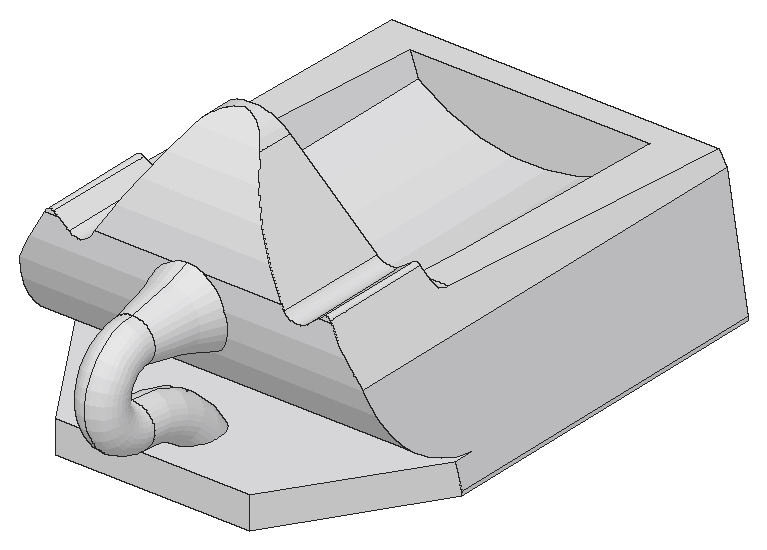
Revit family "Urinal-Wall_Mount_High_Efficiency-KOHLER-Bardon-K-4991", category Plumbing Fixtures, host Face, Revit 2015
Parameters (values of type "Rear Spud-0-White")
  Width = 18 1/2"  # constant formula
  Waste Water Outlet = "Waste Water Outlet"  # constant formula
  Waste Connection = yes
  Vent Connection = no
  URL = "https://www.us.kohler.com/us/"
  Type = 1
  Top Spud = not(Rear Spud)  # no
  Rough-In = 0"
  Rear Spud = if(Constraint = 1, 1 = 1, 1 = 0)  # yes
  Product Page URL = "http://www.us.kohler.com/us/catalog/productDetails.jsp?productNumber=4991-ER"
  Product Name = "Bardon"  # constant formula
  Product Documentation Link = "http://www.us.kohler.com/onlinecatalog/pdf/K-4991-ER_spec.pdf"
  Pressure = 0.00 psi
  Hot Water Inlet = "Hot Water Inlet"  # constant formula
  Model = if(and(Type = 1, Constraint = 1), "K-4991-ER-0", if(and(Type = 1, Constraint = 2), "K-4991-ET-0", if(and(Type = 4, Constraint = 2), "K-4991-ET-96", if(and(Type = 2, Constraint = 2), "K-4991-ET-47", if(and(Type = 3, Constraint = 2), "K-4991-ET-7", "0")))))  # "K-4991-ER-0"
  Material = "Vitreous China"  # constant formula
  MasterFormat 2004 = "22.41.13"  # constant formula
  MasterFormat 1995 = "15410"  # constant formula
  Manufacturer Address = "444 Highland Dr, Kohler, WI 53044"  # constant formula
  Manufacturer = "KOHLER Co."  # constant formula
  Length = 28 1/4"  # constant formula
  Flush Rate = "1.0 GPF"  # constant formula
  Cold Water Inlet = "Cold Water Inlet"  # constant formula
  Height = 14 3/16"  # constant formula
  HW Connection = no
  Flow Rate = 0 GPM
  Finish = Kohler-Vitreous_China-0-White
  Environmental Product Declaration = ""
  Description = if(Constraint = 1, "High-Efficiency Urinal (HEU), washdown, wall-hung, 0.125 gpf to 1.0 gpf, rear spud", "High-Efficiency Urinal (HEU), Washdown, wall-hung, 0.125 gpf to 1.0 gpf, top spud")  # "High-Efficiency Urinal (HEU), washdown, wall-hung, 0.125 gpf to 1.0 gpf, rear spud"
  Default Elevation = 21"
  Declare Label = ""
  Date Modified = "11/1/2017"  # constant formula
  Date Created = "11/1/2017"  # constant formula
  Copyright = "Copyright KOHLER Company"  # constant formula
  Contact Us = "https://www.us.kohler.com/us/static/contact.jsp"
  Constraint = 1
  Connection = if(Constraint = 1, 0.00°, 90.00°)  # 0.00°
  CW Connection = yes
  Assembly Code = "D2010200"
  ADA Compliant = yes
Types (5): name | Type | Top Spud | Rear Spud | Product Page URL | Product Documentation Link | Model | Finish | Description | Constraint | Connection
  Rear Spud-0-White | 1 | no | yes | "http://www.us.kohler.com/us/catalog/productDetails.jsp?productNumber=4991-ER" | "http://www.us.kohler.com/onlinecatalog/pdf/K-4991-ER_spec.pdf" | "K-4991-ER-0" | Kohler-Vitreous_China-0-White | "High-Efficiency Urinal (HEU), washdown, wall-hung, 0.125 gpf to 1.0 gpf, rear spud" | 1 | 0.00°
  Top Spud-0-White | 1 | yes | no | "http://www.us.kohler.com/us/catalog/productDetails.jsp?productNumber=4991-ET" | "http://www.us.kohler.com/onlinecatalog/pdf/K-4991-ET_spec.pdf" | "K-4991-ET-0" | Kohler-Vitreous_China-0-White | "High-Efficiency Urinal (HEU), Washdown, wall-hung, 0.125 gpf to 1.0 gpf, top spud" | 2 | 90.00°
  Top Spud-96-Biscuit | 4 | yes | no | "http://www.us.kohler.com/us/catalog/productDetails.jsp?productNumber=4991-ET" | "http://www.us.kohler.com/onlinecatalog/pdf/K-4991-ET_spec.pdf" | "K-4991-ET-96" | Kohler-Vitreous_China-96-Biscuit | "High-Efficiency Urinal (HEU), Washdown, wall-hung, 0.125 gpf to 1.0 gpf, top spud" | 2 | 90.00°
  Top Spud-47-Almond | 2 | yes | no | "http://www.us.kohler.com/us/catalog/productDetails.jsp?productNumber=4991-ET" | "http://www.us.kohler.com/onlinecatalog/pdf/K-4991-ET_spec.pdf" | "K-4991-ET-47" | Kohler-Vitreous_China-47-Almond | "High-Efficiency Urinal (HEU), Washdown, wall-hung, 0.125 gpf to 1.0 gpf, top spud" | 2 | 90.00°
  Top Spud-7-Black Black | 3 | yes | no | "http://www.us.kohler.com/us/catalog/productDetails.jsp?productNumber=4991-ET" | "http://www.us.kohler.com/onlinecatalog/pdf/K-4991-ET_spec.pdf" | "K-4991-ET-7" | Kohler-Vitreous_China-7-Black_Black | "High-Efficiency Urinal (HEU), Washdown, wall-hung, 0.125 gpf to 1.0 gpf, top spud" | 2 | 90.00°
Reference planes (in)
  plane 1 "Center (Front/Back)": y = 0
  plane 2: z = 0
  plane 3 "Center (Left/Right)": x = 0
  plane 4: z = 14.1875
  plane 5: y = -17.12783
  plane 6: y = 11.12217
  plane 7: x = -9.25
  plane 8: x = 9.25
  plane 9: z = 1.8125
  plane 10: y = 8.12217
  plane 11: y = 8.12217
  plane 12: y = -10.47788
Lines and regions (in)
  reference lines
    curve 1: line (0, 8.12217, 1.8125) -> (0, 8.12217, 0)
Dimensions and locks (in)
  "Height": plane 4 to plane 2
  "Length": plane 6 to plane 5
  "Width": plane 7 to plane 8
  "Connection": angle curve 1 to plane 10
  aligned and locked: plane 2 to host face
  aligned and locked: level to host face
  aligned and locked: plane 9 to curve 1
  aligned and locked: plane 10 to curve 1
Automatic sketch dimensions
  host sketch curve to host sketch curve = 96"  (x2)
Nested families (in)
  nested 1: "K-4991" at (0, 0, 0), type "K-4991"
    with Top Spud no, Rear Spud yes
Connectors (in)
  piping at (0, 8.12217, 0), diameter 0.75, driven by "CW Connection", driven by "Cold Water Inlet"
    settings: on curve 1, index 1, connector inside diameter 24", connector length 0", flow factor 0, pipe flow 0 GPM, pressure drop 0.00 psi, fitting loss kfactor 0, connector angle 0.00°, fixture units 0, engagement length 0", angle of deflection 0.00°, flow configuration 0, flow direction 1, fitting loss method 0, system type 20, joint type 0, gender type 0, connector reference index -1, connector utility 1, adjustable connector no, is connector primary yes, connector description "Cold Water Inlet"
  piping at (0, -10.47033, 0), diameter 2, driven by "Waste Connection", driven by "Waste Water Outlet"
    settings: on nested 1, index 2, connector inside diameter 24", connector length 0", flow factor 0, pipe flow 0 GPM, pressure drop 0.00 psi, fitting loss kfactor 0, connector angle 0.00°, fixture units 0, engagement length 0", angle of deflection 0.00°, flow configuration 0, flow direction 2, fitting loss method 0, system type 16, joint type 0, gender type 0, connector reference index -1, connector utility 1, adjustable connector no, is connector primary no, connector description "Waste Water Outlet"
Definition of nested family "K-4991"
  Parameters (values of type "K-4991")
    Top Spud Material = none
    Top Spud = yes
    Rear Spud = no
    Finish = none
    Angle = 90.00°
  Reference planes (in)
    plane 1 "Center (Front/Back)": y = 0
    plane 2: z = 0
    plane 3 "Center (Left/Right)": x = 0
  Forms (in)
    Extrusion 1, solid, material <- "Finish"
      sketch origin (0, 0, 0) x (1, 0, 0) y (0, 0, 1)
        loop
          line (-9.21192, 0) -> (9.28808, 0) -> (9.28808, 15.4312) -> (-9.21192, 15.4312) -> (-9.21192, 0)
      from -11.12917 to 13.10029
    Extrusion 2, void
      sketch origin (0, 0, 0) x (1, 0, 0) y (0, 0, 1)
        loop
          arc (-9.21192, 0) -> (-8.79054, 3.12987) -> (-8.19632, 6.23157) r 56.94914
          arc (-8.19632, 6.23157) -> (-7.50331, 7.52288) -> (-6.79763, 8.80731) r 149.10691
          arc (-6.79763, 8.80731) -> (-6.63095, 8.93042) -> (-6.42866, 8.88552) r 0.25
          line (-6.42866, 8.88552) -> (-5.66947, 8.31342)
          arc (-5.66947, 8.31342) -> (-5.08301, 8.17467) -> (-4.58378, 8.51224) r 0.75
          line (-4.58378, 8.51224) -> (-1.57012, 13.28941)
          arc (-1.57012, 13.28941) -> (0.04688, 14.1812) -> (1.66387, 13.28941) r 1.91186
          line (1.66387, 13.28941) -> (4.67753, 8.51224)
          arc (4.67753, 8.51224) -> (5.17676, 8.17467) -> (5.76322, 8.31342) r 0.75
          line (5.76322, 8.31342) -> (6.56225, 8.91554)
          arc (6.56225, 8.91554) -> (6.72938, 8.95265) -> (6.8671, 8.85097) r 0.20658
          arc (6.8671, 8.85097) -> (7.58513, 7.54483) -> (8.29007, 6.23157) r 149.10691
          arc (8.29007, 6.23157) -> (8.87106, 3.21073) -> (9.28808, 0.16293) r 56.94914
          line (9.28808, 0.16293) -> (9.28808, 15.26946) -> (-9.21192, 15.26946) -> (-9.21192, 0)
      from -11.50917 to 13.5253
    Extrusion 3, void
      sketch origin (0, 0, 0) x (0, 1, 0) y (0, 0, 1)
        loop
          line (11.12917, 6.93556) -> (11.12917, 14.1812) -> (11.12917, 15.4312) -> (-14.40221, 15.4312) -> (-14.40221, 1.51946) -> (-5.3086, 1.51946)
          arc (-5.3086, 1.51946) -> (-9.63132, 3.94848) -> (-10.95551, 8.72682) r 6.45426
          arc (-10.95551, 8.72682) -> (-9.8337, 11.87211) -> (-7.4853, 14.24619) r 7.6964
          arc (-7.4853, 14.24619) -> (-7.26329, 14.27051) -> (-7.11043, 14.10768) r 0.25
          line (-7.11043, 14.10768) -> (-5.3683, 8.28549)
          arc (-5.3683, 8.28549) -> (-5.05632, 7.87023) -> (-4.54937, 7.75724) r 0.75
          line (-4.54937, 7.75724) -> (11.12917, 6.93556)
      from -13.08037 to 12
    Extrusion 4, void
      sketch origin (-0.3125, 11.12917, 0) x (1, 0, 0) y (0, 0, 1)
        loop
          line (5.67968, 5.91122) -> (6.28377, 7.57094)
          arc (6.28377, 7.57094) -> (6.25363, 7.79984) -> (6.04885, 7.90645) r 0.25
          line (6.04885, 7.90645) -> (4.86215, 7.90645)
          arc (4.86215, 7.90645) -> (4.3019, 8.05657) -> (3.89177, 8.4667) r 1.1205
          line (3.89177, 8.4667) -> (1.92409, 11.87483) -> (-0.64713, 11.87483) -> (-3.28204, 8.37178)
          arc (-3.28204, 8.37178) -> (-3.67731, 8.0426) -> (-4.17798, 7.92459) r 1.12109
          line (-4.17798, 7.92459) -> (-5.44609, 7.92459)
          arc (-5.44609, 7.92459) -> (-5.65088, 7.81799) -> (-5.68102, 7.58909) r 0.25
          line (-5.68102, 7.58909) -> (-5.07032, 5.91122)
          arc (-5.07032, 5.91122) -> (0.30468, 4.11539) -> (5.67968, 5.91122) r 8.94175
      from 1.47527 to 18.80036
    Extrusion 5, void
      sketch origin (0, -6.47724, 1.51946) x (1, 0, 0) y (0, -1, 0)
        loop
          line (-10.52804, -2.48114) -> (-4.61571, 6.62304) -> (4.70946, 6.62304) -> (10.99022, -3.04848) -> (11.72057, -3.04848) -> (11.72057, 8.81961) -> (-11.27943, 8.81961) -> (-11.27943, -2.48114) -> (-10.52804, -2.48114)
      from 0 to 4.43631
    Revolve 6, solid, material <- "Finish"
      sketch origin (0, 0, 0) x (0, 1, 0) y (0, 0, 1)
        loop
          line (-9.90635, 7.04878) -> (-9.90635, 9.29767)
          arc (-9.90635, 9.29767) -> (-12.02585, 8.53798) -> (-14.23427, 8.09946) r 15.21172
          line (-14.23427, 8.09946) -> (-14.23427, 7.04878) -> (-9.90635, 7.04878)
        axis (-9.90635, 7.04878) -> (-14.23427, 7.04878)
      angle from 0 to 360
    Sweep 7, solid, material <- "Finish"
      path origin (0, 0, 0) x (0, 1, 0) y (0, 0, 1)
        loop
          arc (-14.23427, 7.04878) -> (-16.05817, 5.22488) -> (-14.23427, 3.40097) r 1.8239
          arc (-14.23427, 3.40097) -> (-11.61411, 2.64076) -> (-9.80772, 0.59623) r 4.89545
      profile origin (0, -16.05817, 5.22488) x (1, 0, 0) y (0, 1, 0)
        loop
          circle (0, 0) r 1.05078
    Extrusion 8, solid, material <- "Finish"
      sketch origin (0, 0, 0) x (1, 0, 0) y (0, 1, 0)
        loop
          circle (0, -10.47033) r 1
      from 0 to 0.16293
    Revolve 9, solid, material <- "Top Spud Material", visible <- "Top Spud"
      sketch origin (0, 0, 1.87145) x (1, 0, 0) y (0, 1, 0)
        loop
          line (-1.24916, 11.12917) -> (0, 11.12917) -> (0, 12.17339) -> (-0.74749, 12.17339) -> (-0.74749, 11.79492)
          arc (-0.74749, 11.79492) -> (-1.09107, 11.53193) -> (-1.24916, 11.12917) r 0.80604
        axis (0, 12.17339) -> (0, 11.12917)
      angle from 0 to 360
  Cuts and joins
    Extrusion 2, Extrusion 3, Extrusion 4, Extrusion 5 cuts Extrusion 1
    joined: Extrusion 1, Sweep 7
  Lines and regions (in)
    Masking region 1
      outline origin (0, 0, 0) x (1, 0, 0) y (0, 1, 0)
        loop
          line (-9.21192, 11.12917) -> (-9.21192, -6.79685)
          arc (-9.21192, -6.79685) -> (-9.0031, -8.86367) -> (-8.19624, -10.7779) r 6.99181
          spline (-8.19624, -10.7779) -> (-8.13133, -10.80972) -> (-8.06606, -10.83917) -> (-8.00044, -10.86624) -> (-7.9345, -10.89092) -> (-7.86826, -10.91321) -> (-7.80172, -10.93309) -> (-7.73492, -10.95057) -> (-7.66787, -10.96564) -> (-7.60059, -10.97829) -> (-7.53311, -10.98852) -> (-7.46543, -10.99632) -> (-7.39759, -11.00171)
          line (-7.39759, -11.00171) -> (-6.08516, -11.00171) -> (-4.61571, -13.10029) -> (-1.21192, -13.10029) -> (-1.05068, -14.23427) -> (-1.05068, -16.23427)
          arc (-1.05068, -16.23427) -> (0, -17.08899) -> (1.05068, -16.23427) r 1.07315
          line (1.05068, -16.23427) -> (1.05068, -14.23427) -> (1.23744, -13.10029) -> (4.70946, -13.10029) -> (6.07245, -11.00147) -> (7.49514, -11.00147)
          spline (7.49514, -11.00147) -> (7.56269, -10.99599) -> (7.63006, -10.9881) -> (7.69725, -10.97781) -> (7.76422, -10.96512) -> (7.83096, -10.95004) -> (7.89745, -10.93257) -> (7.96368, -10.91271) -> (8.02961, -10.89047) -> (8.09524, -10.86586) -> (8.16054, -10.83888) -> (8.22549, -10.80954) -> (8.29008, -10.77785)
          arc (8.29008, -10.77785) -> (9.08181, -8.86074) -> (9.28808, -6.79685) r 7.12777
          line (9.28808, -6.79685) -> (9.28808, 11.12917) -> (-9.21192, 11.12917)
    Masking region 2
      outline origin (0, 0, 0) x (1, 0, 0) y (0, 0, 1)
        loop
          arc (8.29007, 6.23157) -> (7.58513, 7.54483) -> (6.8671, 8.85097) r 149.10691
          arc (6.8671, 8.85097) -> (6.72938, 8.95265) -> (6.56225, 8.91554) r 0.20658
          line (6.56225, 8.91554) -> (5.76322, 8.31342)
          arc (5.76322, 8.31342) -> (5.17676, 8.17467) -> (4.67753, 8.51224) r 0.75
          line (4.67753, 8.51224) -> (1.66387, 13.28941)
          arc (1.66387, 13.28941) -> (0.04688, 14.1812) -> (-1.57012, 13.28941) r 1.91186
          line (-1.57012, 13.28941) -> (-4.58378, 8.51224)
          arc (-4.58378, 8.51224) -> (-5.08301, 8.17467) -> (-5.66947, 8.31342) r 0.75
          line (-5.66947, 8.31342) -> (-6.42866, 8.88552)
          arc (-6.42866, 8.88552) -> (-6.63095, 8.93042) -> (-6.79763, 8.80731) r 0.25
          arc (-6.79763, 8.80731) -> (-7.50331, 7.52288) -> (-8.19632, 6.23157) r 149.10691
          arc (-8.19632, 6.23157) -> (-8.79054, 3.12987) -> (-9.21192, 0) r 56.94914
          line (-9.21192, 0) -> (9.30567, 0)
          arc (9.30567, 0) -> (8.88429, 3.12987) -> (8.29007, 6.23157) r 56.94914
    Masking region 3, visible <- "Top Spud"
      outline origin (0, 0, 0) x (1, 0, 0) y (0, 1, 0)
        loop
          line (-0.74749, 12.17339) -> (-0.74749, 11.79492)
          arc (-0.74749, 11.79492) -> (-1.09575, 11.53546) -> (-1.24916, 11.12917) r 0.77301
          line (-1.24916, 11.12917) -> (1.24916, 11.12917)
          arc (1.24916, 11.12917) -> (1.09575, 11.53546) -> (0.74749, 11.79492) r 0.77301
          line (0.74749, 11.79492) -> (0.74749, 12.17339) -> (-0.74749, 12.17339)
    Masking region 4
      outline origin (0, 0, 0) x (0, 1, 0) y (0, 0, 1)
        loop
          line (11.12917, 0) -> (11.12917, 6.93556) -> (-4.69299, 7.76477)
          arc (-4.69299, 7.76477) -> (-5.11725, 7.92411) -> (-5.37226, 8.29874) r 0.75
          line (-5.37226, 8.29874) -> (-7.13579, 14.19242) -> (-7.56764, 14.19242)
          arc (-7.56764, 14.19242) -> (-9.81716, 11.8983) -> (-10.93404, 8.88567) r 7.6964
          arc (-10.93404, 8.88567) -> (-12.56156, 8.39772) -> (-14.23427, 8.09946) r 14.80522
          arc (-14.23427, 8.09946) -> (-17.10084, 5.17399) -> (-14.13392, 2.35034) r 2.87531
          arc (-14.13392, 2.35034) -> (-12.92583, 2.11318) -> (-11.8473, 1.51946) r 3.9954
          line (-11.8473, 1.51946) -> (-13.10029, 1.51946) -> (-13.10029, 0) -> (11.12917, 0)
        loop
          line (-9.10847, 1.51946) -> (-5.3086, 1.51946)
          arc (-5.3086, 1.51946) -> (-8.22287, 2.62021) -> (-10.26864, 4.96957) r 6.38059
          arc (-10.26864, 4.96957) -> (-12.21578, 5.62138) -> (-14.23427, 5.9981) r 14.8358
          arc (-14.23427, 5.9981) -> (-15.01681, 5.20917) -> (-14.19803, 4.45793) r 0.77088
          arc (-14.19803, 4.45793) -> (-11.26323, 3.66424) -> (-9.10847, 1.51946) r 5.92465
    Masking region 5, visible <- "Top Spud"
      outline origin (0, 0, 0) x (0, 1, 0) y (0, 0, 1)
        loop
          line (12.17339, 2.61894) -> (11.79492, 2.61894)
          arc (11.79492, 2.61894) -> (11.5392, 2.97074) -> (11.12917, 3.11578) r 0.73321
          line (11.12917, 3.11578) -> (11.12917, 0.62712)
          arc (11.12917, 0.62712) -> (11.5392, 0.77217) -> (11.79492, 1.12397) r 0.73321
          line (11.79492, 1.12397) -> (12.17339, 1.12397) -> (12.17339, 2.61894)
    symbolic lines, detail levels medium+fine
      curve 1: arc (-1.83168, -11.00171, 0) -> (-1.47647, -12.03761, 0) -> (-1.21192, -13.10029, 0) r 12.68547
      curve 2: arc (1.23744, -13.10029, 0) -> (1.47766, -12.03374, 0) -> (1.83842, -11.00171, 0) r 9.53221
      curve 3: line (-6.08516, -11.00171, 0) -> (5.91484, -11.00171, 0)
      curve 4: line (-7.37634, -4.52922, 0) -> (-7.82053, 11.12917, 0)
      curve 5: spline (-7.10958, -5.35621, 0) -> (-7.14009, -5.32626, 0) -> (-7.16971, -5.28793, 0) -> (-7.19825, -5.24149, 0) -> (-7.22549, -5.18726, 0) -> (-7.25125, -5.12563, 0) -> (-7.27534, -5.05704, 0) -> (-7.29759, -4.98196, 0) -> (-7.31785, -4.90093, 0) -> (-7.33598, -4.81451, 0) -> (-7.35184, -4.72332, 0) -> (-7.36532, -4.628, 0) -> (-7.37634, -4.52922, 0)
      curve 6: spline (-6.796, -5.52588, 0) -> (-6.82223, -5.51176, 0) -> (-6.84844, -5.49763, 0) -> (-6.87463, -5.4835, 0) -> (-6.90081, -5.46937, 0) -> (-6.92696, -5.45523, 0) -> (-6.9531, -5.44109, 0) -> (-6.97923, -5.42695, 0) -> (-7.00533, -5.41281, 0) -> (-7.03142, -5.39866, 0) -> (-7.05749, -5.38451, 0) -> (-7.08354, -5.37036, 0) -> (-7.10958, -5.35621, 0)
      curve 7: spline (-6.43648, -5.5496, 0) -> (-6.46616, -5.55471, 0) -> (-6.49811, -5.55859, 0) -> (-6.5317, -5.56116, 0) -> (-6.56625, -5.56237, 0) -> (-6.60106, -5.56219, 0) -> (-6.63543, -5.56064, 0) -> (-6.66867, -5.55773, 0) -> (-6.70011, -5.55354, 0) -> (-6.72912, -5.54814, 0) -> (-6.75511, -5.54163, 0) -> (-6.77755, -5.53417, 0) -> (-6.796, -5.52588, 0)
      curve 8: line (-5.62965, -5.36837, 0) -> (-6.43648, -5.5496, 0)
      curve 9: spline (-4.80933, -5.36773, 0) -> (-4.87093, -5.35503, 0) -> (-4.9362, -5.34446, 0) -> (-5.00446, -5.33613, 0) -> (-5.07498, -5.33014, 0) -> (-5.14701, -5.32654, 0) -> (-5.2198, -5.32537, 0) -> (-5.29257, -5.32665, 0) -> (-5.36455, -5.33036, 0) -> (-5.43498, -5.33647, 0) -> (-5.50312, -5.3449, 0) -> (-5.56824, -5.35557, 0) -> (-5.62965, -5.36837, 0)
      curve 10: line (-1.57012, -6.86559, 0) -> (-4.58378, -5.43615, 0)
      curve 11: spline (-4.58378, -5.43615, 0) -> (-4.59842, -5.42945, 0) -> (-4.61389, -5.4229, 0) -> (-4.63017, -5.41652, 0) -> (-4.64724, -5.41031, 0) -> (-4.66508, -5.40428, 0) -> (-4.68365, -5.39844, 0) -> (-4.70295, -5.3928, 0) -> (-4.72294, -5.38735, 0) -> (-4.7436, -5.38211, 0) -> (-4.76491, -5.37709, 0) -> (-4.78682, -5.3723, 0) -> (-4.80933, -5.36773, 0)
      curve 12: spline (0.56861, -7.11078, 0) -> (0.48372, -7.12002, 0) -> (0.39771, -7.12762, 0) -> (0.31079, -7.13355, 0) -> (0.2232, -7.1378, 0) -> (0.13515, -7.14035, 0) -> (0.04688, -7.1412, 0) -> (-0.04139, -7.14035, 0) -> (-0.12944, -7.1378, 0) -> (-0.21703, -7.13355, 0) -> (-0.30395, -7.12762, 0) -> (-0.38996, -7.12002, 0) -> (-0.47485, -7.11078, 0)
      curve 13: spline (1.66372, -6.86556, 0) -> (1.59992, -6.89418, 0) -> (1.5301, -6.92161, 0) -> (1.45451, -6.94776, 0) -> (1.37346, -6.97252, 0) -> (1.28723, -6.99581, 0) -> (1.19616, -7.01753, 0) -> (1.1006, -7.0376, 0) -> (1.00091, -7.05594, 0) -> (0.89747, -7.07249, 0) -> (0.79066, -7.08718, 0) -> (0.68091, -7.09996, 0) -> (0.56861, -7.11078, 0)
      curve 14: line (4.74341, -5.4049, 0) -> (1.66387, -6.86559, 0)
      curve 15: spline (5.7234, -5.36837, 0) -> (5.66199, -5.35557, 0) -> (5.59687, -5.3449, 0) -> (5.52873, -5.33647, 0) -> (5.4583, -5.33036, 0) -> (5.38631, -5.32665, 0) -> (5.31354, -5.32537, 0) -> (5.24075, -5.32654, 0) -> (5.16872, -5.33014, 0) -> (5.0982, -5.33613, 0) -> (5.02994, -5.34446, 0) -> (4.96466, -5.35503, 0) -> (4.90307, -5.36773, 0)
      curve 16: line (6.56871, -5.55828, 0) -> (5.7234, -5.36837, 0)
      curve 17: spline (6.86481, -5.5387, 0) -> (6.84957, -5.5456, 0) -> (6.83104, -5.55183, 0) -> (6.8096, -5.55724, 0) -> (6.78569, -5.56174, 0) -> (6.75977, -5.56522, 0) -> (6.73239, -5.56763, 0) -> (6.70408, -5.56891, 0) -> (6.67542, -5.56903, 0) -> (6.64699, -5.568, 0) -> (6.61936, -5.56583, 0) -> (6.59309, -5.56257, 0) -> (6.56871, -5.55828, 0)
      curve 18: spline (7.20183, -5.35642, 0) -> (7.17386, -5.37163, 0) -> (7.14586, -5.38683, 0) -> (7.11785, -5.40203, 0) -> (7.08981, -5.41723, 0) -> (7.06176, -5.43242, 0) -> (7.03368, -5.44761, 0) -> (7.00559, -5.4628, 0) -> (6.97747, -5.47799, 0) -> (6.94934, -5.49317, 0) -> (6.92118, -5.50835, 0) -> (6.89301, -5.52352, 0) -> (6.86481, -5.5387, 0)
      curve 19: spline (7.4701, -4.52884, 0) -> (7.47308, -4.61944, 0) -> (7.47081, -4.71013, 0) -> (7.46332, -4.79961, 0) -> (7.45073, -4.88658, 0) -> (7.43321, -4.96977, 0) -> (7.41102, -5.04799, 0) -> (7.38448, -5.1201, 0) -> (7.35397, -5.18506, 0) -> (7.31994, -5.24193, 0) -> (7.28288, -5.28988, 0) -> (7.24332, -5.32823, 0) -> (7.20183, -5.35642, 0)
      curve 20: line (7.91428, 11.12917, 0) -> (7.4701, -4.52884, 0)
      curve 21: spline (-0.47485, -7.11078, 0) -> (-0.58715, -7.09996, 0) -> (-0.6969, -7.08718, 0) -> (-0.80371, -7.07249, 0) -> (-0.90715, -7.05594, 0) -> (-1.00685, -7.0376, 0) -> (-1.10241, -7.01753, 0) -> (-1.19348, -6.99581, 0) -> (-1.2797, -6.97252, 0) -> (-1.36076, -6.94776, 0) -> (-1.43635, -6.92161, 0) -> (-1.50617, -6.89418, 0) -> (-1.56997, -6.86556, 0)
      curve 22: spline (4.90307, -5.36773, 0) -> (4.88056, -5.3723, 0) -> (4.85865, -5.3771, 0) -> (4.83734, -5.38212, 0) -> (4.81669, -5.38735, 0) -> (4.79669, -5.3928, 0) -> (4.7774, -5.39844, 0) -> (4.75882, -5.40429, 0) -> (4.74099, -5.41031, 0) -> (4.72392, -5.41652, 0) -> (4.70764, -5.4229, 0) -> (4.69217, -5.42945, 0) -> (4.67753, -5.43615, 0)
      curve 23: line (-5.38282, 9.65391, 0) -> (5.36718, 9.65391, 0)
      curve 24: line (5.36718, 9.65391, 0) -> (5.36112, -5.3086, 0)
      curve 25: line (-5.38282, -5.3086, 0) -> (-5.38282, 9.65391, 0)
      curve 26: line (3.57927, 0, 8.4667) -> (1.61159, 0, 11.87483)
      curve 27: arc (4.54965, 0, 7.90645) -> (3.9894, 0, 8.05657) -> (3.57927, 0, 8.4667) r 1.1205
      curve 28: line (5.73635, 0, 7.90645) -> (4.54965, 0, 7.90645)
      curve 29: line (5.36718, 0, 5.91122) -> (5.97127, 0, 7.57094)
      curve 30: arc (5.97127, 0, 7.57094) -> (5.94113, 0, 7.79984) -> (5.73635, 0, 7.90645) r 0.25
      curve 31: arc (-5.38282, 0, 5.91122) -> (-0.00782, 0, 4.11539) -> (5.36718, 0, 5.91122) r 8.94175
      curve 32: line (-5.99352, 0, 7.58909) -> (-5.38282, 0, 5.91122)
      curve 33: arc (-5.75859, 0, 7.92459) -> (-5.96338, 0, 7.81799) -> (-5.99352, 0, 7.58909) r 0.25
      curve 34: line (-4.49048, 0, 7.92459) -> (-5.75859, 0, 7.92459)
      curve 35: arc (-3.59454, 0, 8.37178) -> (-3.98981, 0, 8.0426) -> (-4.49048, 0, 7.92459) r 1.12109
      curve 36: line (-0.95963, 0, 11.87483) -> (-3.59454, 0, 8.37178)
      curve 37: line (1.61159, 0, 11.87483) -> (-0.95963, 0, 11.87483)
      curve 38: arc (0, -10.92318, 8.95705) -> (0, -10.92181, 6.90981) -> (0, -10.26864, 4.96957) r 6.3451
      curve 39: line (0, -9.10847, 1.51946) -> (0, -11.8473, 1.51946)
    symbolic lines, visible <- "Top Spud", detail levels medium+fine
      curve 40: arc (-1, 0, 1.86782) -> (0, 0, 0.86782) -> (1, 0, 1.86782) r 1
      curve 41: arc (1, 0, 1.86782) -> (0, 0, 2.86782) -> (-1, 0, 1.86782) r 1
      curve 42: line (-0.74749, 11.79492, 0) -> (0.74749, 11.79492, 0)
      curve 43: line (0, 11.79492, 2.61894) -> (0, 11.79492, 1.12397)
  Dimensions and locks (in)
    aligned and locked: plane 2 to level
